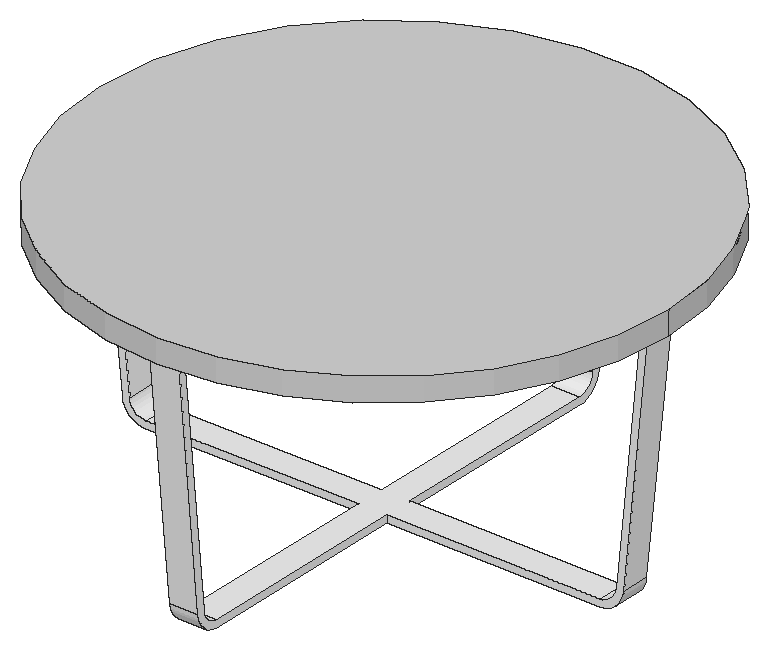
Revit family
Parameters (values of type "30"")
  Width = 2' - 6"
  URL = "http://elanbydecca.com/"
  Top [instance] = Furniture - DECCA (Elan) - Float - Top
  RW = Width / 2  # 1' - 3"
  Base [instance] = Furniture - DECCA (Elan) - Float - Base
  Product URL = "http://elanbydecca.com/PDFs/elan_tearsheet-float.pdf"
  Model = "FT CT100"
  Manufacturer = "Decca Contract"
  Height = 1' - 3"  # constant formula
  Description = "Float Coffee Table"
  Depth = Width  # 2' - 6"
  Assembly Description = "Furniture & Accessories"
  Assembly Code = "E2020200"
Types (4): name | Width | RW | Model | Depth
  (no name) | 2' - 6" | 1' - 3" | "FT CT100" | 2' - 6"
  42" | 3' - 6" | 1' - 9" | "FT CT110" | 3' - 6"
  36" | 3' - 0" | 1' - 6" | "FT CT105" | 3' - 0"
  30" | 2' - 6" | 1' - 3" | "FT CT100" | 2' - 6"
Reference planes (in)
  plane 1 "Center Front/Back": y = -0.7524
  plane 2: z = 0
  plane 3 "Center Left/Right": x = 0
  plane 4 "L": x = -15
  plane 5 "R": x = 15
  plane 6 "F": y = -15.7524
  plane 7: y = 14.2476
  plane 8: through (-6.25338, 2.33237, 23.38953) normal (0.4297, -0.4297, 0.7941)
  plane 9 "ST": z = 15
  plane 10: z = 0.25
  plane 11: x = -0.75
  plane 12: x = 0.75
  plane 13: y = -0.0024
  plane 14: y = -1.5024
  plane 15: z = 13.75
  plane 16: x = -5
  plane 17: x = 5
  plane 18: y = -5.7524
  plane 19: y = 4.2476
Forms (in)
  Extrusion 1, solid, material "Furniture - DECCA (Elan) - Float - Base" <- "Base"
    sketch origin (0, 0, 0) x (0, 1, 0) y (0, 0, 1)
      loop
        line (13.74127, 13.75) -> (-15.24607, 13.75) -> (-13.95916, 1.37075)
        arc (-13.95916, 1.37075) -> (-13.5528, 0.57154) -> (-12.71586, 0.25) r 1.25
        line (-12.71586, 0.25) -> (11.21106, 0.25)
        arc (11.21106, 0.25) -> (12.048, 0.57154) -> (12.45436, 1.37075) r 1.25
        line (12.45436, 1.37075) -> (13.74127, 13.75)
      loop
        line (13.32526, 13.375) -> (-14.83006, 13.375) -> (-13.58617, 1.40952)
        arc (-13.58617, 1.40952) -> (-13.30171, 0.85008) -> (-12.71586, 0.625) r 0.875
        line (-12.71586, 0.625) -> (11.21106, 0.625)
        arc (11.21106, 0.625) -> (11.79691, 0.85008) -> (12.08137, 1.40952) r 0.875
        line (12.08137, 1.40952) -> (13.32526, 13.375)
    from -0.75 to 0.75
  Extrusion 2, solid, material "Furniture - DECCA (Elan) - Float - Base" <- "Base"
    sketch origin (0, -16.42176, 0) x (1, 0, 0) y (0, 0, -1)
      loop
        line (-14.49563, -13.75) -> (14.49563, -13.75) -> (13.20872, -1.37075)
        arc (13.20872, -1.37075) -> (12.80236, -0.57154) -> (11.96542, -0.25) r 1.25
        line (11.96542, -0.25) -> (-11.96542, -0.25)
        arc (-11.96542, -0.25) -> (-12.80236, -0.57154) -> (-13.20872, -1.37075) r 1.25
        line (-13.20872, -1.37075) -> (-14.49563, -13.75)
      loop
        line (-14.07962, -13.375) -> (14.07962, -13.375) -> (12.83573, -1.40953)
        arc (12.83573, -1.40953) -> (12.55128, -0.85008) -> (11.96542, -0.625) r 0.875
        line (11.96542, -0.625) -> (-11.96542, -0.625)
        arc (-11.96542, -0.625) -> (-12.55128, -0.85008) -> (-12.83573, -1.40953) r 0.875
        line (-12.83573, -1.40953) -> (-14.07962, -13.375)
    from 14.91936 to 16.41936
  Extrusion 3, solid, material "Furniture - DECCA (Elan) - Float - Top" <- "Top"
    sketch origin (0, 0, 15) x (-1, 0, 0) y (0, -1, 0)
      loop
        circle (0, 0.7524) r 15
    from -1.25 to 0
  Extrusion 4, solid, material "Furniture - DECCA (Elan) - Float - Base" <- "Base"
    sketch origin (0, 0, 15) x (-1, 0, 0) y (0, -1, 0)
      loop
        circle (0, -4.2476) r 0.125
      loop
        circle (-5, 0.7524) r 0.125
      loop
        circle (0, 5.7524) r 0.125
      loop
        circle (5, 0.7524) r 0.125
    from -15 to -14.75
Cuts and joins
  joined: Extrusion 1, Extrusion 2, Extrusion 4
Lines and regions (in)
  reference lines
    curve 1: line (-13.06622, -0.7524, 0) -> (-14.49563, -0.7524, 13.75)
    curve 2: line (13.06622, -0.7524, 0) -> (14.49563, -0.7524, 13.75)
    curve 3: line (0, 13.74127, 13.75) -> (0, 12.31186, 0)
    curve 4: line (0, -15.24607, 13.75) -> (0, -13.81666, 0)
Dimensions and locks (in)
  equal spacing: plane 4 "L", plane 3 "Center Left/Right", plane 5 "R"
  equal spacing: plane 7, plane 1 "Center Front/Back", plane 6 "F"
  "Width": plane 4 "L" to plane 5 "R"
  "Depth": plane 7 to plane 6 "F"
  "Height": plane 9 "ST" to level
  plane 13 to plane 1 "Center Front/Back" to plane 14 = 0' - 0 3/4" locked, 0' - 0 3/4" locked
  plane 11 to plane 3 "Center Left/Right" to plane 12 = 0' - 0 3/4" locked, 0' - 0 3/4" locked
  locked: plane 9 "ST" to plane 15 at 1.25
  locked: curve 1 to plane 4 "L" at 1.93378
  locked: curve 1 to plane 4 "L" at 0.50437
  locked: curve 2 to plane 5 "R" at 0.50437
  locked: curve 2 to plane 5 "R" at 1.93378
  locked: plane 7 to curve 3 at 0.50633
  locked: plane 7 to curve 3 at 1.93574
  locked: curve 4 to plane 6 "F" at 0.50633
  locked: curve 4 to plane 6 "F" at 1.93574
  equal spacing: plane 4 "L", plane 16, plane 17, plane 5 "R"
  equal spacing: plane 7, plane 19, plane 18, plane 6 "F"
  "RW": radius of Extrusion 3 sketch curve
  aligned and locked: plane 15 to curve 3
  aligned and locked: level to curve 3
  aligned and locked: plane 15 to Extrusion 1 sketch curve
  aligned and locked: Extrusion 1 sketch curve to curve 3
  aligned and locked: plane 10 to Extrusion 1 sketch curve
  aligned and locked: Extrusion 1 sketch curve to curve 4
  aligned and locked: Extrusion 1 to plane 11
  aligned and locked: Extrusion 1 to plane 12
  aligned and locked: plane 15 to Extrusion 2 sketch curve
  aligned and locked: plane 10 to Extrusion 2 sketch curve
  aligned and locked: curve 1 to Extrusion 2 sketch curve
  aligned and locked: curve 2 to Extrusion 2 sketch curve
  aligned and locked: Extrusion 2 to plane 13
  aligned and locked: Extrusion 2 to plane 14
  aligned and locked: Extrusion 3 to plane 15
  aligned and locked: plane 9 "ST" to Extrusion 3
  aligned and locked: Extrusion 4 to level
  aligned and locked: plane 10 to Extrusion 4
Automatic sketch dimensions
  curve 4 to plane 15 = 0' - 0"
  curve 4 to level = 0' - 0"
  curve 1 to plane 15 = 0' - 0"
  curve 1 to level = 0' - 0"
  curve 2 to level = 0' - 0"
  curve 2 to plane 15 = 0' - 0"
  plane 10 to Extrusion 1 sketch curve = 0' - 1.12075"  (x2)
  Extrusion 1 sketch curve to Extrusion 1 sketch curve = 0' - 1.2433"
  plane 10 to Extrusion 1 sketch curve = 0' - 1 1/4"
  Extrusion 1 sketch curve to Extrusion 1 sketch curve = 0' - 0.416"  (x2)
  Extrusion 1 sketch curve to plane 15 = 0' - 0 3/8"
  Extrusion 1 sketch curve to Extrusion 1 sketch curve = 0' - 0.37299"
  Extrusion 1 sketch curve to Extrusion 1 sketch curve = 0' - 0.03878"  (x2)
  Extrusion 1 sketch curve to Extrusion 1 sketch curve = 0' - 0"  (x4)
  Extrusion 2 sketch curve to plane 10 = 0' - 1.12075"
  Extrusion 2 sketch curve to plane 10 = 0' - 1 1/4"  (x2)
  Extrusion 2 sketch curve to plane 5 "R" = 0' - 1.79128"
  Extrusion 2 sketch curve to Extrusion 2 sketch curve = 0' - 0.416"  (x2)
  plane 15 to Extrusion 2 sketch curve = 0' - 0 3/8"
  Extrusion 2 sketch curve to Extrusion 2 sketch curve = 0' - 0.37299"
  Extrusion 2 sketch curve to Extrusion 2 sketch curve = 0' - 0.03877"  (x2)
  Extrusion 2 sketch curve to Extrusion 2 sketch curve = 0' - 0"  (x4)
  plane 1 "Center Front/Back" to Extrusion 3 sketch curve = 0' - 0"
  Extrusion 3 sketch curve to plane 3 "Center Left/Right" = 0' - 0"
  plane 1 "Center Front/Back" to Extrusion 4 sketch curve = 0' - 0"  (x2)
  Extrusion 4 sketch curve to plane 17 = 0' - 0"
  Extrusion 4 sketch curve to plane 3 "Center Left/Right" = 0' - 0"  (x2)
  Extrusion 4 sketch curve to plane 16 = 0' - 0"
  plane 19 to Extrusion 4 sketch curve = 0' - 0"
  Extrusion 4 sketch curve to plane 18 = 0' - 0"
  radius of Extrusion 4 sketch curve = 0' - 0 1/8"  (x4)
